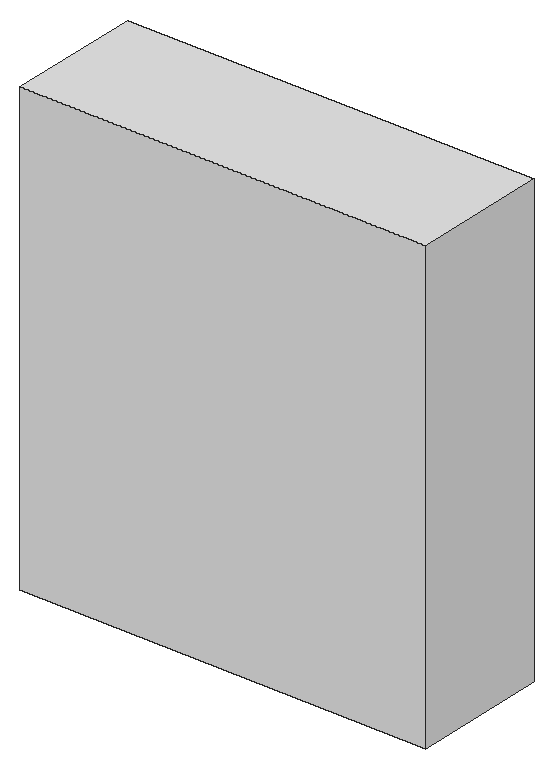
Revit family "LE Storage", category Furniture, Revit 2018
Family settings
  OmniClass Number = 23.40.20.00
  OmniClass Title = General Furniture and Specialties
  Work Plane-Based = No
  Always vertical = Yes
  Cut with Voids When Loaded = No
  Shared = No
  Room Calculation Point = No
Parameters (values of type "1800x600mm Large Wardobe")
  URL = "https://studiole.uk"
  Manufacturer = "LE"
  Length = 1800 mm
  Height = 2000 mm
  Hangers = yes
  Hanger Length = 450 mm
  Hanger End Offset = 120 mm
  Hanger Count = 5
  Hanger Centres = 75 mm
  Frame Material = Generic, White
  Depth = 600 mm
Types (9, lengths in mm): name | Length | Height | Hangers | Depth
  1200x600mm Double Wardrobe | 1200 | 2000 | yes | 600
  1800x600mm Large Wardobe | 1800 | 2000 | yes | 600
  750x450mm Chest of Drawers | 750 | 800 | no | 450
  450x450mm Occasional Table | 450 | 740 | no | 450
  1050x500mm Coffee Table | 1050 | 450 | no | 500
  500x1000mm Storage Unit 2 Person | 1000 | 740 | no | 500
  500x1500mm Storage Unit 4 Person | 1500 | 740 | no | 500
  500x2000mm Storage Unit 5 Person | 2000 | 740 | no | 500
  400x400mm Bedside Table | 400 | 600 | no | 400
Reference planes
  plane 1 "Center (Front/Back)": y = 0
  plane 2: z = 0
  plane 3 "Center (Left/Right)": x = 0
  plane 4 "Left": x = -900
  plane 5 "Right": x = 900
  plane 6 "Front": y = -300
  plane 7 "Back": y = 300
  plane 8 "Top": z = 2000
  plane 9: y = 225
  plane 10: y = -225
Forms (mm)
  Extrusion 1, solid, material "Generic, White" <- "Frame Material"
    sketch origin (0, 0, 0) x (1, 0, 0) y (0, 1, 0)
      loop
        line (-900, -300) -> (900, -300) -> (900, 300) -> (-900, 300) -> (-900, -300)
    from 0 to 2000 <- "Height"
Lines and regions (mm)
  model lines, visible <- "Hangers"
    curve 1: line (-900, 0, 2000) -> (900, 0, 2000)
    curve 2: line (-780, 225, 740) -> (-780, -225, 740)
    curve 3: line (-705, 225, 740) -> (-705, -225, 740)
    curve 4: line (-630, 225, 740) -> (-630, -225, 740)
    curve 5: line (-555, 225, 740) -> (-555, -225, 740)
    curve 6: line (-480, 225, 740) -> (-480, -225, 740)
Dimensions and locks
  equal spacing: plane 7 "Back", plane 1 "Center (Front/Back)", plane 6 "Front"
  equal spacing: plane 4 "Left", plane 3 "Center (Left/Right)", plane 5 "Right"
  "Length": plane 4 "Left" to plane 5 "Right"
  "Depth": plane 7 "Back" to plane 6 "Front"
  "Height": plane 8 "Top" to plane 2
  equal spacing: plane 9, plane 1 "Center (Front/Back)", plane 10
  "Hanger Length": plane 9 to plane 10
  "Hanger End Offset": plane 4 "Left" to curve 2
  equal spacing: group 1, group 2, group 3, group 4, group 5  (x3)
  "Hanger Centres": curve 3 to curve 2
  aligned and locked: level to plane 2
Automatic sketch dimensions
  Extrusion 1 sketch curve to plane 4 "Left" = 0 mm
  Extrusion 1 sketch curve to plane 5 "Right" = 0 mm
  Extrusion 1 sketch curve to plane 6 "Front" = 0 mm
  Extrusion 1 sketch curve to plane 7 "Back" = 0 mm
  plane 1 "Center (Front/Back)" to curve 1 = 0 mm
  curve 1 to plane 5 "Right" = 0 mm
  curve 1 to plane 4 "Left" = 0 mm
  curve 2 to curve 2 = 450 mm
  curve 3 to curve 3 = 450 mm
  curve 4 to curve 4 = 450 mm
  curve 5 to curve 5 = 450 mm
  curve 6 to curve 6 = 450 mm
